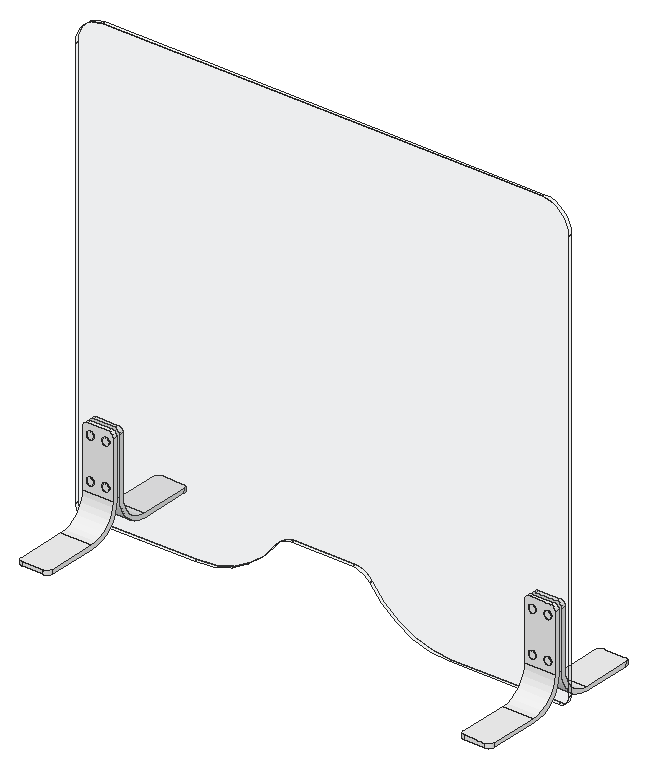
Revit family "Clarus_beShield_Freestanding_R18", category Furniture, host Face, Revit 2018
Family settings
  Host = Face
  Cut with Voids When Loaded = No
  Shared = No
  Room Calculation Point = No
Parameters (values of type "48" x 44"")
  Window [instance] = yes
  Width = 48"
  URL = "https://www.clarus.com/"
  TRC Standards [instance] = "http://therevitcollection.com/news/trc-news-the-revit-collection-standards-explained/"
  Shield [instance] = not(Window)  # no
  Product URL = "https://www.clarus.com/be-shield/"
  More Revit Families! [instance] = "www.therevitcollection.com"
  Modeled By = "Commense Studio"  # constant formula
  Model = "be! Shield"  # constant formula
  Manufacturer = "Clarus"  # constant formula
  Leg Finish [instance] = Clarus White
  Glass Depth = 3/8"
  Clarus Glass [instance] = Glass
  Description = "be! Shield is elegantly engineered to add a seamless layer of non-porous, antimicrobial tempered glass to ensure the health and safety of patrons and employees. It’s the perfect solution for the collaborative needs of your workspace."  # constant formula
  Height = 44"
  Designer = ""
  Depth = 17"
  Default Elevation = 0"
  Assembly Code = ""
Types (7): name | Width | Leg Finish | Height | Depth
  (no name) | 48" | Clarus White | 44" | 17"
  36" x 24" | 36" | Clarus Black | 24" | 12"
  48" x 24" | 48" | Clarus White | 24" | 12"
  36" x 34" | 36" | Clarus White | 34" | 12"
  48" x 34" | 48" | Clarus Black | 34" | 12"
  36" x 44" | 36" | Clarus Black | 44" | 17"
  48" x 44" | 48" | Clarus White | 44" | 17"
Reference planes (in)
  plane 1 "Center (Front/Back)": y = 0
  plane 2: z = 0
  plane 3 "Center (Left/Right)": x = 0
  plane 4 "L": x = -24
  plane 5 "R": x = 24
  plane 6 "B": y = 0.1875
  plane 7 "F": y = -0.1875
  plane 8: z = 44
  plane 9: x = 12.5
  plane 10: x = -12.5
  plane 11: z = 5.25
  plane 12: x = -21.5
  plane 13: x = 21.5
Forms (in)
  Extrusion 1, solid, material "Glass" <- "Clarus Glass", visible <- "Window"
    sketch origin (0, 0, 0) x (1, 0, 0) y (0, 0, 1)
      loop
        arc (-21.375, 44) -> (-23.23116, 43.23116) -> (-24, 41.375) r 2.625
        line (-24, 41.375) -> (-24, 1.25)
        arc (-24, 1.25) -> (-23.70711, 0.54289) -> (-23, 0.25) r 1
        line (-23, 0.25) -> (-12.42908, 0.25)
        arc (-12.42908, 0.25) -> (-7.99968, 1.34581) -> (-4.59213, 4.38043) r 9.5
        arc (-4.59213, 4.38043) -> (-3.87475, 5.0193) -> (-2.94225, 5.25) r 2
        line (-2.94225, 5.25) -> (2.94225, 5.25)
        arc (2.94225, 5.25) -> (3.87475, 5.0193) -> (4.59213, 4.38043) r 2
        arc (4.59213, 4.38043) -> (7.99968, 1.34581) -> (12.42908, 0.25) r 9.5
        line (12.42908, 0.25) -> (23, 0.25)
        arc (23, 0.25) -> (23.70711, 0.54289) -> (24, 1.25) r 1
        line (24, 1.25) -> (24, 41.375)
        arc (24, 41.375) -> (23.23116, 43.23116) -> (21.375, 44) r 2.625
        line (21.375, 44) -> (-21.375, 44)
    from -0.1875 to 0.1875
  Extrusion 2, solid, material "Glass" <- "Clarus Glass", visible <- "Shield"
    sketch origin (0, 0, 0) x (1, 0, 0) y (0, 0, 1)
      loop
        arc (-21.375, 44) -> (-23.23116, 43.23116) -> (-24, 41.375) r 2.625
        line (-24, 41.375) -> (-24, 1.25)
        arc (-24, 1.25) -> (-23.70711, 0.54289) -> (-23, 0.25) r 1
        line (-23, 0.25) -> (23, 0.25)
        arc (23, 0.25) -> (23.70711, 0.54289) -> (24, 1.25) r 1
        line (24, 1.25) -> (24, 41.375)
        arc (24, 41.375) -> (23.23116, 43.23116) -> (21.375, 44) r 2.625
        line (21.375, 44) -> (-21.375, 44)
    from -0.1875 to 0.1875
Dimensions and locks (in)
  equal spacing: plane 4 "L", plane 3 "Center (Left/Right)", plane 5 "R"
  "Width": plane 4 "L" to plane 5 "R"
  equal spacing: plane 7 "F", plane 1 "Center (Front/Back)", plane 6 "B"
  "Glass Depth": plane 7 "F" to plane 6 "B"
  "Height": plane 8 to level
  plane 10 to plane 3 "Center (Left/Right)" to plane 9 = 12 1/2", 12 1/2"
  plane 11 to level = 5 1/4"
  locked: plane 4 "L" to plane 12 at 2.5
  locked: plane 13 to plane 5 "R" at 2.5
  aligned and locked: plane 2 to host face
  aligned and locked: level to host face
  aligned and locked: Extrusion 1 sketch curve to plane 11
  aligned and locked: Extrusion 1 to plane 6 "B"
  aligned and locked: plane 7 "F" to Extrusion 1
  aligned and locked: nested 1 to plane 12
  aligned and locked: plane 13 to nested 2
  aligned and locked: plane 4 "L" to Extrusion 2 sketch curve
  aligned and locked: Extrusion 2 sketch curve to plane 5 "R"
  aligned and locked: Extrusion 2 sketch curve to plane 8
Automatic sketch dimensions
  host sketch curve to host sketch curve = 96"  (x2)
  Extrusion 1 sketch curve to plane 4 "L" = 0"
  Extrusion 1 sketch curve to plane 8 = 0"
  Extrusion 1 sketch curve to plane 5 "R" = 0"
  level to Extrusion 1 sketch curve = 1/4"  (x2)
  plane 4 "L" to Extrusion 1 sketch curve = 1"
  plane 4 "L" to Extrusion 1 sketch curve = 2 5/8"
  Extrusion 1 sketch curve to plane 3 "Center (Left/Right)" = 2.94225"
  plane 3 "Center (Left/Right)" to Extrusion 1 sketch curve = 2.94225"
  Extrusion 1 sketch curve to plane 9 = 0.07092"
  Extrusion 1 sketch curve to Extrusion 1 sketch curve = 2 5/8"
  Extrusion 1 sketch curve to plane 5 "R" = 1"
  Extrusion 1 sketch curve to plane 11 = 2"  (x2)
  plane 11 to Extrusion 1 sketch curve = 4 1/2"  (x2)
  Extrusion 1 sketch curve to plane 10 = 0.07092"
  level to Extrusion 2 sketch curve = 1/4"
  plane 4 "L" to Extrusion 2 sketch curve = 1"
  Extrusion 2 sketch curve to plane 12 = 1/8"
  Extrusion 2 sketch curve to plane 13 = 1/8"
  Extrusion 2 sketch curve to Extrusion 2 sketch curve = 1"
Nested families (in)
  nested 1: "Clarus_beShield_F&B_R18" at (-21.5, 0.5625, 0), Core Finish <- "Leg Finish", type "Front & Back 12""
    with TRC Standards "http://therevitcollection.com/news/trc-news-the-revit-collection-standards-explained/", More Revit Families! "www.therevitcollection.com", Core Finish Clarus White, D Control 8 1/2", Depth 17"
  nested 2: "Clarus_beShield_F&B_R18" at (21.5, 0.5625, 0), Core Finish <- "Leg Finish", type "Front & Back 12""
    with TRC Standards "http://therevitcollection.com/news/trc-news-the-revit-collection-standards-explained/", More Revit Families! "www.therevitcollection.com", Core Finish Clarus White, D Control 8 1/2", Depth 17"
Definition of nested family "Clarus_beShield_F&B_R18"
  Parameters (values of type "Front & Back 12"")
    Width = 3"  # constant formula
    URL = "https://www.clarus.com/"
    TRC Standards [instance] = "http://therevitcollection.com/news/trc-news-the-revit-collection-standards-explained/"
    Product URL = "https://www.clarus.com/be-shield/"
    More Revit Families! [instance] = "www.therevitcollection.com"
    Modeled By = "Commense Studio"  # constant formula
    Model = "be! Shield"  # constant formula
    Manufacturer = "Clarus"  # constant formula
    D Control = Depth / 2  # 6"
    Core Finish [instance] = none
    Description = "be! Shield Leg Configs"  # constant formula
    Height = 9"  # constant formula
    Designer = ""
    Depth = 12"
    Default Elevation = 0"
    Assembly Code = ""
  Reference planes (in)
    plane 1 "Center (Front/Back)": y = 0
    plane 2: z = 0
    plane 3 "Center (Left/Right)": x = 0
    plane 4 "L": x = -1.5
    plane 5 "R": x = 1.5
    plane 6: z = 9
    plane 7: y = -0.375
    plane 8: y = -0.75
    plane 9: y = 5.4375
    plane 10 "cl": y = -0.5625
    plane 11: y = -6.5625
    plane 12: y = -1.125
  Forms (in)
    Extrusion 1, solid
      sketch origin (0, 0, 0) x (1, 0, 0) y (0, 1, 0)
        loop
          line (-48, 48) -> (-48, -48) -> (48, -48) -> (48, 48) -> (-48, 48)
      from 0 to -12
    Extrusion 2, solid, material <- "Core Finish"
      sketch origin (0, -0.75984, 0) x (1, 0, 0) y (0, 0, 1)
        loop
          arc (-1, 9) -> (-1.35355, 8.85355) -> (-1.5, 8.5) r 0.5
          line (-1.5, 8.5) -> (-1.5, 3.00001) -> (1.5, 3.00001) -> (1.5, 8.5)
          arc (1.5, 8.5) -> (1.35355, 8.85355) -> (1, 9) r 0.5
          line (1, 9) -> (-1, 9)
      from -0.00984 to 0.36516
    Extrusion 3, void
      sketch origin (0, 0, 0) x (1, 0, 0) y (0, 0, 1)
        loop
          circle (-0.75197, 8.00344) r 0.37503
        loop
          circle (-0.75197, 8.00344) r 0.34378
        loop
          circle (0.75197, 8.00344) r 0.37503
        loop
          circle (0.75197, 8.00344) r 0.34378
        loop
          circle (-0.75197, 4.00344) r 0.37503
        loop
          circle (-0.75197, 4.00344) r 0.34378
        loop
          circle (0.75197, 4.00344) r 0.37503
        loop
          circle (0.75197, 4.00344) r 0.34378
      from 0 to 2
    Extrusion 4, solid, material <- "Core Finish"
      sketch origin (10.61611, 0, 0) x (0, 0, 1) y (0, -1, 0)
        loop
          line (0.375, 3.75) -> (0.375, 6.5625) -> (0, 6.5625) -> (0, 3.75)
          arc (0, 3.75) -> (0.87868, 1.62868) -> (3, 0.75) r 3
          line (3, 0.75) -> (3, 1.125)
          arc (3, 1.125) -> (1.14385, 1.89384) -> (0.375, 3.75) r 2.625
        loop
          arc (0.375, -2.625) -> (1.14385, -0.76884) -> (3, 0) r 2.625
          line (3, 0) -> (3, 0.375)
          arc (3, 0.375) -> (0.87868, -0.50368) -> (0, -2.625) r 3
          line (0, -2.625) -> (0, -5.4375) -> (0.375, -5.4375) -> (0.375, -2.625)
      from -12.11611 to -9.11611
    Extrusion 5, solid, material <- "Core Finish"
      sketch origin (0, -0.75984, 0) x (1, 0, 0) y (0, 0, 1)
        loop
          arc (-1, 9) -> (-1.35355, 8.85355) -> (-1.5, 8.5) r 0.5
          line (-1.5, 8.5) -> (-1.5, 3.00001) -> (1.5, 3.00001) -> (1.5, 8.5)
          arc (1.5, 8.5) -> (1.35355, 8.85355) -> (1, 9) r 0.5
          line (1, 9) -> (-1, 9)
      from -0.75984 to -0.38484
    Extrusion 6, void
      sketch origin (0, 11.80266, 0) x (1, 0, 0) y (0, 1, 0)
        loop
          line (-1, -6.36516) -> (-1.5, -6.36516) -> (-1.5, -6.86516)
          arc (-1.5, -6.86516) -> (-1.35355, -6.5116) -> (-1, -6.36516) r 0.5
        loop
          arc (1, -6.36516) -> (1.35355, -6.5116) -> (1.5, -6.86516) r 0.5
          line (1.5, -6.86516) -> (1.5, -6.36516) -> (1, -6.36516)
        loop
          arc (-1, -18.36516) -> (-1.35355, -18.21871) -> (-1.5, -17.86516) r 0.5
          line (-1.5, -17.86516) -> (-1.5, -18.36516) -> (-1, -18.36516)
        loop
          line (1, -18.36516) -> (1.5, -18.36516) -> (1.5, -17.86516)
          arc (1.5, -17.86516) -> (1.35355, -18.21871) -> (1, -18.36516) r 0.5
      from 0 to 0.5
  Cuts and joins
    Extrusion 3 cuts Extrusion 2
    Extrusion 6 cuts Extrusion 4
    Extrusion 3 cuts Extrusion 5
    joined: Extrusion 2, Extrusion 4, Extrusion 5
  Dimensions and locks (in)
    equal spacing: plane 4 "L", plane 3 "Center (Left/Right)", plane 5 "R"
    "Width": plane 4 "L" to plane 5 "R"
    "Height": plane 6 to level
    plane 8 to plane 7 to plane 1 "Center (Front/Back)" = 3/8" locked, 3/8"
    "D Control": plane 10 "cl" to plane 9
    "D Control": plane 10 "cl" to plane 11
    aligned and locked: plane 2 to Extrusion 1
    aligned and locked: level to Extrusion 1
    aligned and locked: Extrusion 5 to plane 1 "Center (Front/Back)"
    aligned and locked: plane 7 to Extrusion 5
    aligned and locked: cut or joined group of Extrusion 2, Extrusion 3, Extrusion 4, Extrusion 5, Extrusion 6 to plane 8
    aligned and locked: plane 12 to cut or joined group of Extrusion 2, Extrusion 3, Extrusion 4, Extrusion 5, Extrusion 6
  Automatic sketch dimensions
    Extrusion 1 sketch curve to Extrusion 1 sketch curve = 96"  (x2)
    Extrusion 2 sketch curve to plane 4 "L" = 0"
    Extrusion 2 sketch curve to plane 6 = 0"
    Extrusion 2 sketch curve to plane 5 "R" = 0"
    plane 4 "L" to Extrusion 2 sketch curve = 1/2"
    Extrusion 2 sketch curve to plane 5 "R" = 1/2"
    level to Extrusion 2 sketch curve = 3"
    Extrusion 3 sketch curve to Extrusion 3 sketch curve = 0"  (x9)
    plane 4 "L" to Extrusion 3 sketch curve = 0.74803"  (x2)
    Extrusion 3 sketch curve to plane 5 "R" = 0.74803"  (x2)
    level to Extrusion 3 sketch curve = 4.00344"
    Extrusion 3 sketch curve to plane 6 = 0.99656"  (x2)
    Extrusion 4 sketch curve to plane 9 = 0"
    Extrusion 4 sketch curve to plane 11 = 0"
    Extrusion 4 sketch curve to plane 12 = 0"
    Extrusion 4 sketch curve to plane 1 "Center (Front/Back)" = 0"
    level to Extrusion 4 sketch curve = 0"  (x2)
    Extrusion 4 sketch curve to Extrusion 4 sketch curve = 3/8"  (x2)
    level to Extrusion 4 sketch curve = 3"
    Extrusion 4 sketch curve to Extrusion 4 sketch curve = 2 5/8"
    Extrusion 4 sketch curve to plane 1 "Center (Front/Back)" = 2 5/8"
    Extrusion 4 sketch curve to Extrusion 4 sketch curve = 0"  (x4)
    plane 8 to Extrusion 4 sketch curve = 0"
    Extrusion 5 sketch curve to plane 4 "L" = 0"
    Extrusion 5 sketch curve to plane 6 = 0"
    Extrusion 5 sketch curve to plane 5 "R" = 0"
    plane 4 "L" to Extrusion 5 sketch curve = 1/2"
    Extrusion 5 sketch curve to plane 5 "R" = 1/2"
    level to Extrusion 5 sketch curve = 3"
    Extrusion 6 sketch curve to plane 4 "L" = 0"  (x4)
    plane 9 to Extrusion 6 sketch curve = 0"  (x2)
    Extrusion 6 sketch curve to plane 11 = 0"  (x2)
    Extrusion 6 sketch curve to plane 5 "R" = 0"  (x4)
    plane 4 "L" to Extrusion 6 sketch curve = 1/2"  (x2)
    Extrusion 6 sketch curve to Extrusion 6 sketch curve = 1/2"  (x2)
    Extrusion 6 sketch curve to Extrusion 6 sketch curve = 0"  (x8)
    radius of Extrusion 3 sketch curve = 0.37503"  (x4)
    radius of Extrusion 3 sketch curve = 0.34378"  (x4)
